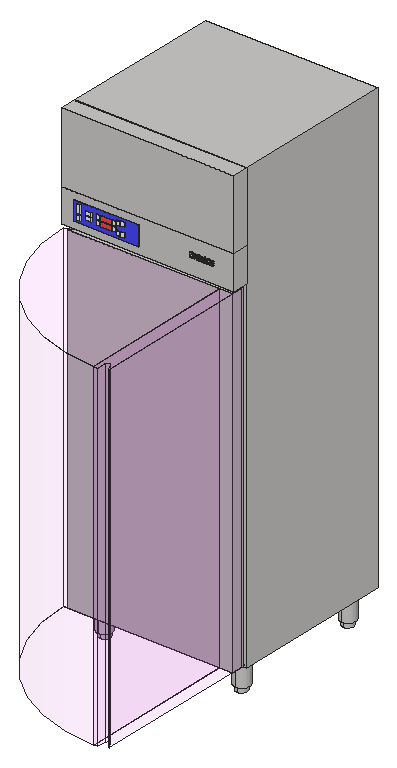
Revit family "QF_ELECTROLUXPROFESSIONAL_190052_190052", category Specialty Equipment, Revit 2018
Family settings
  Round Connector Dimension = Use Diameter
  Part Type = Normal
  Work Plane-Based = No
  Always vertical = Yes
  Cut with Voids When Loaded = No
  Shared = No
  Room Calculation Point = No
Parameters (values of type "Standard")
  Weight = 231.00 kg
  Watts = 0 W
  Volts = 220 V
  URL Manufacturer = "http://professional.electrolux.com"
  URL = "http://professional.electrolux.com"
  Steam Supply Size = 0 mm
  Steam Supply Minimum Pressure = 0.0 Pa
  Steam Supply Maximum Pressure = 0.0 Pa
  Steam Pounds per Hour = 0
  Refrigeration Suction Line Size = 0 mm
  Refrigeration Liquid Line Size = 0 mm
  Refrigerant Compressor Remote = yes
  Manufacturer = "Electrolux Professional"
  Phase = 1
  Model = "190052"
  Length Actual = 800 mm  # constant formula
  Item Number = "190052"
  Hot Water Size = 0 mm
  Height Actual = 2230 mm  # constant formula
  HP = "0.4 HP"
  Gas Size = 0 mm
  Gas KW = 0
  Gas Input Pressure = 0 W
  Direct Waste Size = 0 mm
  Description = "BLAST CHILLER 56 KG 20 GN1/1-REMOTE"
  Depth Actual = 835 mm  # constant formula
  Cycle = 50 Hz
  Condensate Return Size = 0 mm
  Compressed Air Volume = 0.0 L/s
  Compressed Air Size = 0 mm
  Compressed Air Pressure = 0.0 Pa
  Cold Water Size = 0 mm
  Accessory = yes
Types (2, lengths in mm): name | URL | Manufacturer | Phase | Model | Description
  (no name) | 0 | 0 | 0 | 0 | 0
  Standard | "http://professional.electrolux.com" | "Electrolux Professional" | 1 | "190052" | "BLAST CHILLER 56 KG 20 GN1/1-REMOTE"
Values of the unnamed type that differ from the named types
  Volts = 0 V
  URL Manufacturer = ""
  Item Number = ""
  Cycle = 0 Hz
Reference planes
  plane 1 "Center (Front/Back)": y = 137.5
  plane 2: z = 0
  plane 3 "Center (Left/Right)": x = 0
  plane 4 "TOP": z = 2232
  plane 5 "FRONT": y = -312.5
  plane 6 "BACK": y = 521.5
  plane 7 "LEFT": x = -400
  plane 8 "RIGHT": x = 400
  plane 9 "FEET": z = 150
  plane 10: y = -237.5
  plane 11 "DrainX": y = 11.5
  plane 12 "FbY": y = 449.5
  plane 13 "FfY": y = -167.5
  plane 14 "FLr": x = 319
  plane 15 "FLx": x = -319
  plane 16 "EIz": z = 1916
  plane 17: y = -1048.5
  plane 18 "RO_RI_x": y = 401.5
  plane 19 "RO_RI_y": x = -79.523
  plane 20 "RO_RI_z": z = 2055
Forms (mm)
  Extrusion 1, solid, material "QF_Finishes_Stainless Steel"
    sketch origin (33, 0, 150) x (-1, 0, 0) y (0, -1, 0)
      loop
        circle (33, -11.5) r 16.5
    from -2 to 0
  Extrusion 2, solid, material "QF_Finishes_Stainless Steel"
    sketch origin (0, 0, 0) x (0, 1, 0) y (-1, 0, 0)
      loop
        circle (449.5, -319) r 25
      loop
        circle (-167.5, -319) r 25
      loop
        circle (-167.5, 319) r 25
      loop
        circle (449.5, 319) r 25
    from 25.302 to 0
  Extrusion 3, solid, material "QF_Finishes_Stainless Steel"
    sketch origin (0, 0, 0) x (0, 1, 0) y (-1, 0, 0)
      loop
        circle (449.5, -319) r 35
      loop
        circle (-167.5, -319) r 35
      loop
        circle (-167.5, 319) r 35
      loop
        circle (449.5, 319) r 35
    from 25.302 to 150
  Extrusion 4, solid, material "QF_Finishes_Stainless Steel"
    sketch origin (0, 0, 150) x (-1, 0, 0) y (0, -1, 0)
      loop
        line (-400, -521.5) -> (400, -521.5) -> (400, 237.5) -> (-400, 237.5) -> (-400, -521.5)
    from 0 to 2082
  Extrusion 5, solid, material "QF_Finishes_Stainless Steel"
    sketch origin (0, -15.001, 1443.099) x (0, 1, 0) y (0, 0, 1)
      loop
        line (-297.499, 461.901) -> (-297.499, 306.901) -> (-222.499, 306.901) -> (-222.499, 461.901) -> (-297.499, 461.901)
    from 400 to -400
  Extrusion 6, solid, material "QF_Finishes_Stainless Steel"
    sketch origin (400, -10.001, 0) x (0, -1, 0) y (0, 0, 1)
      loop
        line (290.567, 1736.4) -> (290.567, 1740.1) -> (227.499, 1740.1) -> (227.499, 1736.4) -> (290.567, 1736.4)
      loop
        line (290.567, 158.4) -> (233.803, 158.4)
        arc (233.803, 158.4) -> (229.348, 156.555) -> (227.503, 152.1) r 6.3
        line (227.503, 152.1) -> (227.503, 150) -> (230.779, 150) -> (230.779, 151.399)
        arc (230.779, 151.399) -> (231.657, 153.52) -> (233.779, 154.399) r 3
        line (233.779, 154.399) -> (290.567, 154.399) -> (290.567, 158.4)
    from 50.986 to 17.216
  Extrusion 7, solid, material "QF_Finishes_Stainless Steel"
    sketch origin (101.495, -312.5, 0) x (-1, 0, 0) y (0, 0, 1)
      loop
        line (263.995, 128.302) -> (-61.005, 128.302) -> (-61.005, 126.302) -> (-63.005, 126.302) -> (-63.005, 150) -> (-77.505, 150) -> (-77.505, 148.302) -> (-64.505, 148.302) -> (-64.505, 124.795) -> (-61.005, 124.795) -> (-61.005, 120.802) -> (-47.01, 120.802) -> (-47.01, 85.802) -> (252.991, 85.802) -> (252.991, 120.802) -> (263.995, 120.802) -> (263.995, 124.795) -> (267.495, 124.795) -> (267.495, 148.302) -> (280.495, 148.302) -> (280.495, 150) -> (265.995, 150) -> (265.995, 126.302) -> (263.995, 126.302) -> (263.995, 128.302)
    from 505 to 153.183
  Extrusion 8, solid, material "QF_Clearances", detail levels coarse
    sketch origin (0, 0, 0) x (1, 0, 0) y (0, 1, 0)
      loop
        line (-400, -312.5) -> (-400, 521.5) -> (400, 521.5) -> (400, -312.5) -> (450, -312.5) -> (450, 571.5) -> (-450, 571.5) -> (-450, -312.5) -> (-400, -312.5)
    from 2232 to 0
  Extrusion 9, solid, material "QF_Door-Drawer Clearances"
    sketch origin (-0.635, 0, 150) x (-1, 0, 0) y (0, -1, 0)
      loop
        line (-395.092, 1026.519) -> (-395.092, 261.519) -> (-335.092, 261.519) -> (-335.092, 1048.5) -> (-356.592, 1048.5) -> (-356.592, 1004.706)
        arc (-356.592, 1004.706) -> (-363.585, 995.169) -> (-374.784, 998.971) r 10
        line (-374.784, 998.971) -> (-391.454, 1027.577)
        arc (-391.454, 1027.577) -> (-393.693, 1028.337) -> (-395.092, 1026.43) r 2
    from 8.4 to 1586.4
  Extrusion 10, solid, material "QF_Finishes_Stainless Steel"
    sketch origin (0, 0, 333.88) x (0, 1, 0) y (0, 0, 1)
      loop
        line (-312.5, 1898.12) -> (-312.5, 1571.12) -> (-237.5, 1571.12) -> (-237.5, 1898.12) -> (-312.5, 1898.12)
    from 400 to -400
  Extrusion 11, solid, material "QF_Finishes_White"
    sketch origin (0, -312.5, 0) x (-1, 0, 0) y (0, 0, 1)
      loop
        arc (-211.474, 1844.549) -> (-218.792, 1834.652) -> (-211.474, 1824.755) r 10.352
        line (-211.474, 1824.755) -> (-211.474, 1844.549)
      loop
        line (-210.712, 1844.613) -> (-210.712, 1843.039)
        arc (-210.712, 1843.039) -> (-207.989, 1837.89) -> (-202.742, 1835.359) r 9.332
        line (-202.742, 1835.359) -> (-198.278, 1835.359)
        arc (-198.278, 1835.359) -> (-202.368, 1842.844) -> (-210.712, 1844.613) r 10.21
      loop
        line (-210.468, 1826.188) -> (-210.468, 1824.501)
        arc (-210.468, 1824.501) -> (-202.229, 1826.564) -> (-198.269, 1834.078) r 10.411
        line (-198.269, 1834.078) -> (-201.544, 1834.078)
        arc (-201.544, 1834.078) -> (-207.394, 1831.704) -> (-210.468, 1826.188) r 9.509
      loop
        line (-197.518, 1845.63) -> (-219.548, 1845.63) -> (-219.548, 1823.63) -> (-197.518, 1823.63) -> (-197.518, 1845.63)
    from -4.8 to -3.2
  Extrusion 12, solid, material "QF_Finishes_White"
    sketch origin (432.433, -312.5, 1564.453) x (-1, 0, 0) y (0, 0, 1)
      loop
        line (193.167, 280.964) -> (193.167, 279.02) -> (198.537, 279.02) -> (198.537, 276.182) -> (193.489, 276.182) -> (193.489, 274.232) -> (198.537, 274.232) -> (198.537, 272.515)
        arc (198.537, 272.515) -> (198.012, 271.323) -> (196.778, 270.906) r 1.615
        line (196.778, 270.906) -> (193.023, 270.906) -> (193.023, 268.964) -> (197.262, 268.964)
        arc (197.262, 268.964) -> (199.625, 269.942) -> (200.603, 272.305) r 3.341
        line (200.603, 272.305) -> (200.603, 280.964) -> (193.167, 280.964)
      loop
        line (191.555, 280.964) -> (189.488, 280.964) -> (189.488, 268.964) -> (191.555, 268.964) -> (191.555, 280.964)
      loop
        line (146.663, 280.964) -> (144.595, 280.964) -> (144.595, 268.964) -> (146.663, 268.964) -> (146.663, 280.964)
      loop
        arc (186.07, 272.796) -> (185.679, 271.485) -> (184.54, 270.726) r 2.013
        arc (184.54, 270.726) -> (182.673, 270.564) -> (181.066, 271.529) r 3.039
        line (181.066, 271.529) -> (179.841, 270.304)
        arc (179.841, 270.304) -> (181.732, 269.031) -> (183.987, 268.699) r 5.15
        arc (183.987, 268.699) -> (186.884, 269.899) -> (188.084, 272.796) r 4.097
        arc (188.084, 272.796) -> (187.172, 276.26) -> (183.977, 277.881) r 4.373
        arc (183.977, 277.881) -> (180.348, 276.522) -> (179.288, 272.796) r 4.298
        line (179.288, 272.796) -> (186.07, 272.796)
      loop
        arc (186.018, 274.249) -> (185.108, 275.698) -> (183.453, 276.13) r 2.321
        arc (183.453, 276.13) -> (182.018, 275.623) -> (181.364, 274.249) r 1.983
        line (181.364, 274.249) -> (186.018, 274.249)
      loop
        arc (171.23, 275.114) -> (172.894, 276.024) -> (174.768, 275.738) r 2.961
        arc (174.768, 275.738) -> (175.939, 274.497) -> (176.078, 272.796) r 2.578
        arc (176.078, 272.796) -> (174.082, 270.645) -> (171.296, 271.566) r 2.714
        line (171.296, 271.566) -> (170.006, 270.276)
        arc (170.006, 270.276) -> (175.469, 269.146) -> (178.138, 274.046) r 4.684
        arc (178.138, 274.046) -> (176.554, 276.84) -> (173.538, 277.942) r 4.652
        arc (173.538, 277.942) -> (171.56, 277.59) -> (169.933, 276.412) r 4.497
        line (169.933, 276.412) -> (171.23, 275.114)
      loop
        line (168.663, 280.964) -> (166.596, 280.964) -> (166.596, 277.643) -> (164.718, 277.643) -> (164.718, 275.765) -> (166.596, 275.765) -> (166.596, 272.796)
        arc (166.596, 272.796) -> (166.418, 271.845) -> (165.754, 271.143) r 1.713
        arc (165.754, 271.143) -> (165.235, 270.938) -> (164.68, 270.895) r 1.862
        line (164.68, 270.895) -> (164.68, 268.959)
        arc (164.68, 268.959) -> (166.548, 269.205) -> (168.024, 270.378) r 3.531
        arc (168.024, 270.378) -> (168.484, 271.533) -> (168.663, 272.764) r 5.301
        line (168.663, 272.764) -> (168.663, 280.964)
      loop
        line (160.929, 273.526) -> (160.929, 268.964) -> (162.979, 268.964) -> (162.979, 277.643) -> (160.929, 277.643) -> (160.929, 276.392)
        arc (160.929, 276.392) -> (159.543, 277.581) -> (157.725, 277.752) r 3.016
        line (157.725, 277.752) -> (157.725, 275.765)
        arc (157.725, 275.765) -> (159.117, 275.794) -> (160.355, 275.158) r 2.84
        arc (160.355, 275.158) -> (160.781, 274.391) -> (160.929, 273.526) r 2.607
      loop
        circle (152.671, 273.302) r 4.599
      loop
        circle (152.671, 273.302) r 2.787
      loop
        line (137.14, 272.578) -> (137.14, 277.643) -> (135.056, 277.643) -> (135.056, 272.491)
        arc (135.056, 272.491) -> (136.211, 269.731) -> (139.035, 268.744) r 3.675
        arc (139.035, 268.744) -> (141.828, 269.702) -> (143.014, 272.406) r 3.675
        line (143.014, 272.406) -> (143.014, 277.643) -> (140.93, 277.643) -> (140.93, 272.578)
        arc (140.93, 272.578) -> (140.419, 271.175) -> (139.035, 270.616) r 1.835
        arc (139.035, 270.616) -> (137.65, 271.175) -> (137.14, 272.578) r 1.835
      loop
        line (133.807, 277.643) -> (131.571, 277.643) -> (129.699, 275.066) -> (127.798, 277.643) -> (125.542, 277.643) -> (128.514, 273.615) -> (125.263, 268.961) -> (127.471, 268.961) -> (129.692, 272.018) -> (131.881, 268.961) -> (134.103, 268.961) -> (130.805, 273.567) -> (133.807, 277.643)
      loop
        arc (199.441, 263.989) -> (198.075, 262.743) -> (199.19, 261.268) r 1.372
        line (199.19, 261.268) -> (200.187, 261.268) -> (200.187, 259.839) -> (201.089, 259.839) -> (201.089, 263.989) -> (199.441, 263.989)
      loop
        line (199.229, 262.084) -> (200.187, 262.084) -> (200.187, 263.15) -> (199.229, 263.15)
        arc (199.229, 263.15) -> (198.888, 262.617) -> (199.229, 262.084) r 0.587
      loop
        arc (192.929, 263.989) -> (191.972, 263.599) -> (191.559, 262.651) r 1.37
        arc (191.559, 262.651) -> (191.69, 262.056) -> (192.082, 261.589) r 1.281
        line (192.082, 261.589) -> (191.266, 259.839) -> (192.234, 259.839) -> (192.831, 261.268) -> (193.703, 261.268) -> (193.703, 259.839) -> (194.605, 259.839) -> (194.605, 263.989) -> (192.929, 263.989)
      loop
        line (193.703, 263.15) -> (192.746, 263.15)
        arc (192.746, 263.15) -> (192.404, 262.617) -> (192.746, 262.084) r 0.587
        line (192.746, 262.084) -> (193.703, 262.084) -> (193.703, 263.15)
      loop
        circle (185.967, 261.914) r 2.156
      loop
        circle (185.967, 261.914) r 1.368
      loop
        line (180.268, 263.989) -> (177.677, 263.989) -> (177.677, 263.095) -> (179.388, 263.095) -> (179.388, 262.219) -> (177.826, 262.219) -> (177.826, 261.289) -> (179.388, 261.289) -> (179.388, 259.839) -> (180.268, 259.839) -> (180.268, 263.989)
      loop
        line (174.177, 263.989) -> (171.55, 263.989) -> (171.55, 263.205) -> (173.324, 263.205) -> (173.324, 262.388) -> (171.665, 262.388) -> (171.665, 261.604) -> (173.324, 261.604)
        arc (173.324, 261.604) -> (173.233, 261.009) -> (172.769, 260.626) r 0.845
        line (172.769, 260.626) -> (171.51, 260.626) -> (171.51, 259.842) -> (172.849, 259.842)
        arc (172.849, 259.842) -> (173.794, 260.237) -> (174.177, 261.187) r 1.327
        line (174.177, 261.187) -> (174.177, 263.989)
      loop
        line (159.148, 263.463) -> (159.622, 262.841)
        arc (159.622, 262.841) -> (159.984, 263.162) -> (160.455, 263.275) r 0.998
        arc (160.455, 263.275) -> (160.848, 262.962) -> (160.576, 262.539) r 0.375
        arc (160.576, 262.539) -> (160.105, 262.363) -> (159.646, 262.158) r 8.236
        arc (159.646, 262.158) -> (159.284, 261.921) -> (159, 261.594) r 1.564
        arc (159, 261.594) -> (158.869, 260.883) -> (159.123, 260.206) r 1.349
        arc (159.123, 260.206) -> (159.699, 259.901) -> (160.338, 259.773) r 2.246
        arc (160.338, 259.773) -> (160.855, 259.825) -> (161.333, 260.029) r 1.719
        arc (161.333, 260.029) -> (161.755, 260.41) -> (162.016, 260.915) r 1.595
        line (162.016, 260.915) -> (161.29, 261.253)
        arc (161.29, 261.253) -> (161.084, 260.892) -> (160.747, 260.649) r 0.983
        arc (160.747, 260.649) -> (160.356, 260.55) -> (159.964, 260.643) r 0.846
        arc (159.964, 260.643) -> (159.753, 261.066) -> (160.06, 261.427) r 0.43
        arc (160.06, 261.427) -> (160.545, 261.662) -> (161.056, 261.832) r 4.201
        arc (161.056, 261.832) -> (161.664, 262.559) -> (161.566, 263.502) r 1.217
        arc (161.566, 263.502) -> (161.037, 263.9) -> (160.394, 264.058) r 1.645
        arc (160.394, 264.058) -> (159.698, 263.914) -> (159.148, 263.463) r 1.485
      loop
        line (155.341, 263.989) -> (154.488, 263.989) -> (154.488, 259.842) -> (155.341, 259.842) -> (155.341, 263.989)
      loop
        circle (148.739, 261.916) r 1.29
      loop
        circle (148.739, 261.916) r 2.154
      loop
        line (143.018, 259.842) -> (143.018, 263.989) -> (142.189, 263.989) -> (140.292, 261.303) -> (140.292, 263.989) -> (139.43, 263.989) -> (139.43, 259.842) -> (140.259, 259.842) -> (142.156, 262.449) -> (142.156, 259.842) -> (143.018, 259.842)
      loop
        line (135.131, 259.842) -> (136.046, 259.842) -> (134.424, 263.989) -> (133.624, 263.989) -> (131.872, 259.842) -> (132.789, 259.842) -> (133.193, 260.737) -> (134.727, 260.737) -> (135.131, 259.842)
      loop
        line (133.575, 261.587) -> (134.385, 261.587) -> (133.986, 262.499) -> (133.575, 261.587)
      loop
        line (127.637, 260.626) -> (126.042, 260.626) -> (126.042, 259.842) -> (128.49, 259.842) -> (128.49, 263.989) -> (127.637, 263.989) -> (127.637, 260.626)
      loop
        line (165.366, 263.463) -> (165.84, 262.841)
        arc (165.84, 262.841) -> (166.202, 263.162) -> (166.672, 263.275) r 0.998
        arc (166.672, 263.275) -> (167.065, 262.962) -> (166.793, 262.539) r 0.375
        arc (166.793, 262.539) -> (166.323, 262.363) -> (165.864, 262.158) r 8.236
        arc (165.864, 262.158) -> (165.501, 261.921) -> (165.217, 261.594) r 1.564
        arc (165.217, 261.594) -> (165.086, 260.883) -> (165.341, 260.206) r 1.349
        arc (165.341, 260.206) -> (165.916, 259.901) -> (166.556, 259.773) r 2.246
        arc (166.556, 259.773) -> (167.073, 259.825) -> (167.551, 260.029) r 1.719
        arc (167.551, 260.029) -> (167.972, 260.41) -> (168.234, 260.915) r 1.595
        line (168.234, 260.915) -> (167.508, 261.253)
        arc (167.508, 261.253) -> (167.301, 260.892) -> (166.964, 260.649) r 0.983
        arc (166.964, 260.649) -> (166.574, 260.55) -> (166.182, 260.643) r 0.846
        arc (166.182, 260.643) -> (165.971, 261.066) -> (166.277, 261.427) r 0.43
        arc (166.277, 261.427) -> (166.762, 261.662) -> (167.273, 261.832) r 4.201
        arc (167.273, 261.832) -> (167.881, 262.559) -> (167.783, 263.502) r 1.217
        arc (167.783, 263.502) -> (167.255, 263.9) -> (166.612, 264.058) r 1.645
        arc (166.612, 264.058) -> (165.916, 263.914) -> (165.366, 263.463) r 1.485
    from -3.2 to -4.8
  Extrusion 13, solid, material "QF_Finishes_Stainless Steel"
    sketch origin (350, 521.5, 0) x (-1, 0, 0) y (0, 0, 1)
      loop
        circle (350, 1916) r 10
    from 5 to 0
  Extrusion 14, solid, material "QF_Finishes_Stainless Steel"
    sketch origin (653.5, 82.592, 150) x (0, 1, 0) y (-1, 0, 0)
      loop
        line (-395.092, 1026.519) -> (-395.092, 261.519) -> (-335.092, 261.519) -> (-335.092, 1048.5) -> (-356.592, 1048.5) -> (-356.592, 1004.706)
        arc (-356.592, 1004.706) -> (-363.585, 995.169) -> (-374.784, 998.971) r 10
        line (-374.784, 998.971) -> (-391.454, 1027.577)
        arc (-391.454, 1027.577) -> (-393.693, 1028.337) -> (-395.092, 1026.43) r 2
    from 8.4 to 1586.4
  Extrusion 15, solid, material "QF_Door-Drawer Clearances"
    sketch origin (-0.635, 0, 150) x (-1, 0, 0) y (0, -1, 0)
      loop
        line (-335.092, 1048.5) -> (-335.092, 312.5) -> (394.365, 312.5)
        arc (394.365, 312.5) -> (180.74, 830.26) -> (-335.092, 1048.5) r 737.294
    from 8.4 to 1586.4
  Extrusion 16, solid, material "QF_Clearances", detail levels coarse
    sketch origin (0, 0, 0) x (1, 0, 0) y (0, 1, 0)
      loop
        line (450, -312.5) -> (450, 571.5) -> (-450, 571.5) -> (-450, -312.5) -> (450, -312.5)
    from 2732 to 2232
  Extrusion 17, solid, material "QF_Clearances"
    sketch origin (0, 0, 2055) x (-1, 0, 0) y (0, -1, 0)
      loop
        circle (87.623, -409.6) r 8.1
    from 150 to 0
  Extrusion 18, solid, material "QF_Clearances"
    sketch origin (0, 0, 2055) x (-1, 0, 0) y (0, -1, 0)
      loop
        circle (74.323, -409.6) r 5.2
    from 150 to 0
Lines and regions (mm)
  symbolic lines
    curve 1: line (400, 521.5, 0) -> (400, -312.5, 0)
    curve 2: line (400, 521.5, 0) -> (-400, 521.5, 0)
    curve 3: line (-400, -312.5, 0) -> (-400, 521.5, 0)
    curve 4: line (-400, -312.5, 0) -> (400, -312.5, 0)
  symbolic lines, style "SpecialityEquipmentHiddenLines"
    curve 5: line (400, -237.5, 0) -> (-400, -237.5, 0)
    curve 7: arc (-395, -312.5, 0) -> (-181.375, -830.26, 0) -> (334.457, -1048.5, 0) r 737.294
    curve 8: line (334.457, -1048.5, 0) -> (334.457, -312.5, 0)
    curve 9: line (394.457, -1026.519, 0) -> (394.457, -312.5, 0)
    curve 10: arc (390.819, -1027.577, 0) -> (393.059, -1028.337, 0) -> (394.457, -1026.43, 0) r 2
    curve 11: line (374.149, -998.971, 0) -> (390.819, -1027.577, 0)
    curve 12: arc (355.957, -1004.706, 0) -> (362.95, -995.169, 0) -> (374.149, -998.971, 0) r 10
    curve 13: line (355.957, -1048.5, 0) -> (355.957, -1004.706, 0)
    curve 14: line (334.457, -1048.5, 0) -> (355.957, -1048.5, 0)
  symbolic lines, style "QF_Clearances", detail levels coarse
    curve 6: line (450, -312.5, 0) -> (450, 571.5, 0)
    curve 15: line (450, 571.5, 0) -> (-450, 571.5, 0)
    curve 16: line (-450, 571.5, 0) -> (-450, -312.5, 0)
Dimensions and locks
  equal spacing: plane 7 "LEFT", plane 3 "Center (Left/Right)", plane 8 "RIGHT"
  plane 7 "LEFT" to plane 8 "RIGHT" = 800 mm
  plane 6 "BACK" to plane 5 "FRONT" = 834 mm
  plane 4 "TOP" to plane 2 = 2232 mm
  equal spacing: plane 8 "RIGHT", plane 3 "Center (Left/Right)", plane 7 "LEFT"
  plane 8 "RIGHT" to plane 7 "LEFT" = 800 mm
  plane 6 "BACK" to plane 11 "DrainX" = 510 mm
  plane 7 "LEFT" to plane 15 "FLx" = 81 mm
  plane 14 "FLr" to plane 8 "RIGHT" = 81 mm
  plane 6 "BACK" to plane 12 "FbY" = 72 mm
  plane 10 to plane 5 "FRONT" = 75 mm
  locked: plane 9 "FEET" to level at 150
  plane 16 "EIz" to level = 1916 mm
  plane 6 "BACK" to plane 17 = 1570 mm
  plane 12 "FbY" to plane 13 "FfY" = 617 mm
  Extrusion 8 to plane 7 "LEFT" = 50 mm
  plane 8 "RIGHT" to Extrusion 8 = 50 mm
  Extrusion 8 to plane 6 "BACK" = 50 mm
  Extrusion 8 to plane 4 "TOP" = 0 mm
  plane 6 "BACK" to plane 18 "RO_RI_x" = 120 mm
  plane 19 "RO_RI_y" to plane 8 "RIGHT" = 479.523 mm
  plane 20 "RO_RI_z" to Extrusion 10 = 150 mm
  aligned and locked: level to plane 2
Automatic sketch dimensions
  curve 16 to plane 5 "FRONT" = 0 mm
  curve 2 to plane 6 "BACK" = 0 mm
  curve 2 to plane 7 "LEFT" = 0 mm
  curve 7 to plane 5 "FRONT" = 0 mm
  curve 14 to plane 17 = 0 mm
  curve 1 to plane 8 "RIGHT" = 0 mm
  curve 6 to plane 5 "FRONT" = 0 mm
  plane 10 to curve 5 = 0 mm
  curve 15 to plane 7 "LEFT" = 50 mm
  plane 14 "FLr" to curve 14 = 15.457 mm
  plane 5 "FRONT" to curve 7 = 1.252 mm
  curve 8 to curve 7 = 7.836 mm
  curve 7 to curve 13 = 21.5 mm
  curve 12 to curve 12 = 10 mm
  curve 12 to curve 11 = 8.192 mm
  plane 8 "RIGHT" to curve 11 = 9.181 mm
  curve 10 to curve 10 = 1.638 mm
  curve 15 to plane 8 "RIGHT" = 50 mm
  plane 17 to curve 11 = 20.923 mm
  curve 10 to curve 10 = 1.148 mm
  curve 10 to curve 13 = 22.871 mm
  plane 6 "BACK" to curve 15 = 50 mm
  plane 8 "RIGHT" to curve 9 = 5.543 mm
  curve 9 to curve 10 = 0.089 mm
  Extrusion 1 sketch curve to plane 3 "Center (Left/Right)" = 0 mm
  plane 11 "DrainX" to Extrusion 1 sketch curve = 0 mm
  Extrusion 2 sketch curve to plane 13 "FfY" = 0 mm  (x2)
  Extrusion 2 sketch curve to plane 12 "FbY" = 0 mm  (x2)
  Extrusion 2 sketch curve to plane 14 "FLr" = 0 mm  (x2)
  Extrusion 2 sketch curve to plane 15 "FLx" = 0 mm  (x2)
  Extrusion 3 sketch curve to plane 13 "FfY" = 0 mm  (x2)
  Extrusion 3 sketch curve to plane 12 "FbY" = 0 mm  (x2)
  Extrusion 3 sketch curve to plane 14 "FLr" = 0 mm  (x2)
  Extrusion 3 sketch curve to plane 15 "FLx" = 0 mm  (x2)
  Extrusion 4 sketch curve to plane 8 "RIGHT" = 0 mm
  Extrusion 4 sketch curve to plane 7 "LEFT" = 0 mm
  Extrusion 4 sketch curve to plane 6 "BACK" = 0 mm
  plane 10 to Extrusion 4 sketch curve = 0 mm
  Extrusion 5 sketch curve to plane 5 "FRONT" = 0 mm
  Extrusion 5 sketch curve to plane 10 = 0 mm
  Extrusion 5 sketch curve to plane 16 "EIz" = 166 mm
  Extrusion 5 sketch curve to plane 16 "EIz" = 11 mm
  Extrusion 6 sketch curve to plane 10 = 0 mm
  Extrusion 6 sketch curve to plane 9 "FEET" = 0 mm
  plane 10 to Extrusion 6 sketch curve = 0.004 mm
  Extrusion 6 sketch curve to Extrusion 6 sketch curve = 3.276 mm
  plane 9 "FEET" to Extrusion 6 sketch curve = 1.399 mm
  Extrusion 6 sketch curve to Extrusion 6 sketch curve = 3 mm
  Extrusion 6 sketch curve to Extrusion 6 sketch curve = 0.024 mm
  plane 9 "FEET" to Extrusion 6 sketch curve = 4.399 mm
  plane 5 "FRONT" to Extrusion 6 sketch curve = 11.932 mm  (x2)
  Extrusion 6 sketch curve to Extrusion 6 sketch curve = 0.701 mm
  Extrusion 6 sketch curve to plane 16 "EIz" = 179.6 mm
  Extrusion 6 sketch curve to Extrusion 6 sketch curve = 3.7 mm
  Extrusion 6 sketch curve to Extrusion 6 sketch curve = 0 mm  (x3)
  Extrusion 7 sketch curve to plane 9 "FEET" = 0 mm  (x2)
  Extrusion 7 sketch curve to plane 14 "FLr" = 140 mm
  Extrusion 7 sketch curve to plane 9 "FEET" = 1.698 mm  (x2)
  Extrusion 7 sketch curve to Extrusion 7 sketch curve = 13 mm  (x2)
  Extrusion 7 sketch curve to Extrusion 7 sketch curve = 1.5 mm  (x2)
  Extrusion 7 sketch curve to Extrusion 7 sketch curve = 3.5 mm
  Extrusion 7 sketch curve to Extrusion 7 sketch curve = 2 mm  (x3)
  Extrusion 7 sketch curve to Extrusion 7 sketch curve = 13.995 mm
  Extrusion 7 sketch curve to plane 9 "FEET" = 29.198 mm
  Extrusion 7 sketch curve to plane 3 "Center (Left/Right)" = 151.496 mm
  Extrusion 7 sketch curve to Extrusion 7 sketch curve = 11.004 mm
  Extrusion 7 sketch curve to Extrusion 7 sketch curve = 0 mm
  Extrusion 7 sketch curve to Extrusion 7 sketch curve = 27.5 mm
  Extrusion 7 sketch curve to Extrusion 7 sketch curve = 35 mm
  Extrusion 7 sketch curve to Extrusion 7 sketch curve = 3.994 mm  (x2)
  Extrusion 7 sketch curve to Extrusion 7 sketch curve = 1.506 mm  (x2)
  Extrusion 8 sketch curve to plane 5 "FRONT" = 0 mm  (x2)
  Extrusion 8 sketch curve to plane 7 "LEFT" = 0 mm
  Extrusion 8 sketch curve to plane 6 "BACK" = 0 mm
  Extrusion 8 sketch curve to plane 8 "RIGHT" = 0 mm
  Extrusion 8 sketch curve to plane 7 "LEFT" = 50 mm
  Extrusion 8 sketch curve to Extrusion 8 sketch curve = 50 mm
  plane 6 "BACK" to Extrusion 8 sketch curve = 50 mm
  Extrusion 9 sketch curve to plane 17 = 0 mm
  plane 8 "RIGHT" to Extrusion 9 sketch curve = 5.543 mm
  Extrusion 9 sketch curve to Extrusion 9 sketch curve = 2 mm
  Extrusion 9 sketch curve to Extrusion 9 sketch curve = 1.638 mm
  plane 8 "RIGHT" to Extrusion 9 sketch curve = 25.851 mm
  Extrusion 9 sketch curve to Extrusion 9 sketch curve = 8.192 mm
  Extrusion 9 sketch curve to Extrusion 9 sketch curve = 10 mm
  plane 14 "FLr" to Extrusion 9 sketch curve = 15.457 mm
  plane 17 to Extrusion 9 sketch curve = 20.923 mm
  Extrusion 9 sketch curve to Extrusion 9 sketch curve = 1.148 mm
  Extrusion 9 sketch curve to Extrusion 9 sketch curve = 22.871 mm
  plane 10 to Extrusion 9 sketch curve = 24.019 mm
  Extrusion 9 sketch curve to Extrusion 9 sketch curve = 0.089 mm
  Extrusion 10 sketch curve to plane 5 "FRONT" = 0 mm
  Extrusion 10 sketch curve to plane 10 = 0 mm
  Extrusion 10 sketch curve to plane 4 "TOP" = 0 mm
  Extrusion 10 sketch curve to plane 16 "EIz" = 11 mm
  Extrusion 11 sketch curve to plane 14 "FLr" = 99.452 mm
  Extrusion 11 sketch curve to Extrusion 11 sketch curve = 8.073 mm
  Extrusion 11 sketch curve to Extrusion 11 sketch curve = 0.762 mm
  Extrusion 11 sketch curve to Extrusion 11 sketch curve = 1.007 mm
  Extrusion 11 sketch curve to Extrusion 11 sketch curve = 2.055 mm
  Extrusion 11 sketch curve to Extrusion 11 sketch curve = 0.194 mm
  Extrusion 11 sketch curve to Extrusion 11 sketch curve = 0.025 mm
  Extrusion 11 sketch curve to Extrusion 11 sketch curve = 5.698 mm
  Extrusion 11 sketch curve to Extrusion 11 sketch curve = 1.198 mm
  Extrusion 11 sketch curve to Extrusion 11 sketch curve = 9.199 mm
  Extrusion 11 sketch curve to Extrusion 11 sketch curve = 9.372 mm
  Extrusion 11 sketch curve to Extrusion 11 sketch curve = 3.266 mm
  Extrusion 11 sketch curve to Extrusion 11 sketch curve = 0.009 mm
  Extrusion 11 sketch curve to Extrusion 11 sketch curve = 3.578 mm
  Extrusion 11 sketch curve to plane 16 "EIz" = 92.37 mm
  Extrusion 11 sketch curve to Extrusion 11 sketch curve = 0.871 mm
  Extrusion 11 sketch curve to Extrusion 11 sketch curve = 0.95 mm
  Extrusion 11 sketch curve to Extrusion 11 sketch curve = 0.254 mm
  Extrusion 11 sketch curve to Extrusion 11 sketch curve = 1.688 mm
  Extrusion 11 sketch curve to Extrusion 11 sketch curve = 0.1 mm
  Extrusion 11 sketch curve to Extrusion 11 sketch curve = 0.001 mm
  Extrusion 11 sketch curve to Extrusion 11 sketch curve = 1.281 mm
  Extrusion 11 sketch curve to Extrusion 11 sketch curve = 1.574 mm
  Extrusion 11 sketch curve to Extrusion 11 sketch curve = 1.08 mm
  Extrusion 12 sketch curve to Extrusion 12 sketch curve = 0 mm  (x40)
  Extrusion 12 sketch curve to plane 14 "FLr" = 11.83 mm
  Extrusion 12 sketch curve to Extrusion 12 sketch curve = 0.278 mm
  Extrusion 12 sketch curve to Extrusion 12 sketch curve = 0.779 mm
  Extrusion 12 sketch curve to Extrusion 12 sketch curve = 2.208 mm
  Extrusion 12 sketch curve to Extrusion 12 sketch curve = 1.595 mm
  Extrusion 12 sketch curve to Extrusion 12 sketch curve = 2.256 mm
  Extrusion 12 sketch curve to Extrusion 12 sketch curve = 0.853 mm  (x3)
  Extrusion 12 sketch curve to Extrusion 12 sketch curve = 0.716 mm
  Extrusion 12 sketch curve to Extrusion 12 sketch curve = 1.178 mm
  Extrusion 12 sketch curve to Extrusion 12 sketch curve = 1.185 mm
  Extrusion 12 sketch curve to Extrusion 12 sketch curve = 1.106 mm
  Extrusion 12 sketch curve to Extrusion 12 sketch curve = 1.872 mm
  Extrusion 12 sketch curve to Extrusion 12 sketch curve = 3.383 mm
  Extrusion 12 sketch curve to Extrusion 12 sketch curve = 2.189 mm
  Extrusion 12 sketch curve to Extrusion 12 sketch curve = 0.917 mm
  Extrusion 12 sketch curve to Extrusion 12 sketch curve = 0.404 mm  (x2)
  Extrusion 12 sketch curve to Extrusion 12 sketch curve = 0.383 mm
  Extrusion 12 sketch curve to Extrusion 12 sketch curve = 0.049 mm  (x2)
  Extrusion 12 sketch curve to Extrusion 12 sketch curve = 2.236 mm
  Extrusion 12 sketch curve to Extrusion 12 sketch curve = 0.411 mm
  Extrusion 12 sketch curve to Extrusion 12 sketch curve = 2.222 mm
  Extrusion 12 sketch curve to Extrusion 12 sketch curve = 0.81 mm
  Extrusion 12 sketch curve to Extrusion 12 sketch curve = 0.8 mm
  Extrusion 12 sketch curve to Extrusion 12 sketch curve = 0.341 mm
  Extrusion 12 sketch curve to Extrusion 12 sketch curve = 1.249 mm
  Extrusion 12 sketch curve to Extrusion 12 sketch curve = 0.916 mm
  Extrusion 12 sketch curve to Extrusion 12 sketch curve = 2.084 mm
  Extrusion 12 sketch curve to Extrusion 12 sketch curve = 1.59 mm  (x2)
  Extrusion 12 sketch curve to Extrusion 12 sketch curve = 0.24 mm  (x2)
  Extrusion 12 sketch curve to Extrusion 12 sketch curve = 0.129 mm
  Extrusion 12 sketch curve to Extrusion 12 sketch curve = 5.006 mm
  Extrusion 12 sketch curve to Extrusion 12 sketch curve = 0.829 mm  (x2)
  Extrusion 12 sketch curve to Extrusion 12 sketch curve = 0.033 mm
  Extrusion 12 sketch curve to Extrusion 12 sketch curve = 1.865 mm
  Extrusion 12 sketch curve to Extrusion 12 sketch curve = 0.032 mm  (x3)
  Extrusion 12 sketch curve to Extrusion 12 sketch curve = 2.085 mm
  Extrusion 12 sketch curve to Extrusion 12 sketch curve = 1.581 mm
  Extrusion 12 sketch curve to Extrusion 12 sketch curve = 2.068 mm
  Extrusion 12 sketch curve to Extrusion 12 sketch curve = 5.721 mm
  Extrusion 12 sketch curve to Extrusion 12 sketch curve = 6.008 mm
  Extrusion 12 sketch curve to Extrusion 12 sketch curve = 1.817 mm
  Extrusion 12 sketch curve to Extrusion 12 sketch curve = 5.054 mm
  Extrusion 12 sketch curve to Extrusion 12 sketch curve = 0.596 mm
  Extrusion 12 sketch curve to Extrusion 12 sketch curve = 0.639 mm
  Extrusion 12 sketch curve to Extrusion 12 sketch curve = 0.156 mm
  Extrusion 12 sketch curve to Extrusion 12 sketch curve = 3.807 mm
  Extrusion 12 sketch curve to Extrusion 12 sketch curve = 0.474 mm  (x2)
  Extrusion 12 sketch curve to Extrusion 12 sketch curve = 0.558 mm  (x2)
  Extrusion 12 sketch curve to Extrusion 12 sketch curve = 0.1 mm  (x2)
  Extrusion 12 sketch curve to Extrusion 12 sketch curve = 0.709 mm  (x2)
  Extrusion 12 sketch curve to Extrusion 12 sketch curve = 0.006 mm  (x2)
  Extrusion 12 sketch curve to Extrusion 12 sketch curve = 0.137 mm  (x2)
  Extrusion 12 sketch curve to Extrusion 12 sketch curve = 0.005 mm  (x3)
  Extrusion 12 sketch curve to Extrusion 12 sketch curve = 0.073 mm  (x2)
  Extrusion 12 sketch curve to Extrusion 12 sketch curve = 0.114 mm  (x3)
  Extrusion 12 sketch curve to Extrusion 12 sketch curve = 0.008 mm  (x2)
  Extrusion 12 sketch curve to Extrusion 12 sketch curve = 0.14 mm  (x2)
  Extrusion 12 sketch curve to Extrusion 12 sketch curve = 0.066 mm  (x2)
  Extrusion 12 sketch curve to Extrusion 12 sketch curve = 0.022 mm  (x2)
  Extrusion 12 sketch curve to Extrusion 12 sketch curve = 2.564 mm
  Extrusion 12 sketch curve to Extrusion 12 sketch curve = 2.451 mm
  Extrusion 12 sketch curve to Extrusion 12 sketch curve = 0.798 mm  (x2)
  Extrusion 12 sketch curve to Extrusion 12 sketch curve = 0.726 mm  (x2)
  Extrusion 12 sketch curve to Extrusion 12 sketch curve = 0.11 mm  (x2)
  Extrusion 12 sketch curve to Extrusion 12 sketch curve = 2.05 mm
  Extrusion 12 sketch curve to Extrusion 12 sketch curve = 1.104 mm  (x2)
  Extrusion 12 sketch curve to Extrusion 12 sketch curve = 2.435 mm
  Extrusion 12 sketch curve to Extrusion 12 sketch curve = 1.316 mm
  Extrusion 12 sketch curve to Extrusion 12 sketch curve = 1.739 mm
  Extrusion 12 sketch curve to Extrusion 12 sketch curve = 1.452 mm
  Extrusion 12 sketch curve to Extrusion 12 sketch curve = 0.075 mm
  Extrusion 12 sketch curve to Extrusion 12 sketch curve = 0.277 mm
  Extrusion 12 sketch curve to Extrusion 12 sketch curve = 3.35 mm
  Extrusion 12 sketch curve to Extrusion 12 sketch curve = 1.877 mm  (x2)
  Extrusion 12 sketch curve to Extrusion 12 sketch curve = 2.067 mm  (x2)
  Extrusion 12 sketch curve to Extrusion 12 sketch curve = 3.337 mm
  Extrusion 12 sketch curve to Extrusion 12 sketch curve = 1.343 mm
  Extrusion 12 sketch curve to Extrusion 12 sketch curve = 1.298 mm  (x2)
  Extrusion 12 sketch curve to Extrusion 12 sketch curve = 1.291 mm  (x2)
  Extrusion 12 sketch curve to Extrusion 12 sketch curve = 3.276 mm
  Extrusion 12 sketch curve to Extrusion 12 sketch curve = 0.04 mm
  Extrusion 12 sketch curve to Extrusion 12 sketch curve = 0.155 mm
  Extrusion 12 sketch curve to Extrusion 12 sketch curve = 0.833 mm
  Extrusion 12 sketch curve to Extrusion 12 sketch curve = 0.271 mm
  Extrusion 12 sketch curve to Extrusion 12 sketch curve = 0.08 mm
  Extrusion 12 sketch curve to Extrusion 12 sketch curve = 2.087 mm
  Extrusion 12 sketch curve to Extrusion 12 sketch curve = 0.826 mm
  Extrusion 12 sketch curve to Extrusion 12 sketch curve = 0.475 mm
  Extrusion 12 sketch curve to Extrusion 12 sketch curve = 0.089 mm
  Extrusion 12 sketch curve to Extrusion 12 sketch curve = 0.002 mm  (x3)
  Extrusion 12 sketch curve to Extrusion 12 sketch curve = 0.093 mm
  Extrusion 12 sketch curve to Extrusion 12 sketch curve = 0.085 mm
  Extrusion 12 sketch curve to Extrusion 12 sketch curve = 3.5 mm
  Extrusion 12 sketch curve to Extrusion 12 sketch curve = 0.15 mm
  Extrusion 12 sketch curve to Extrusion 12 sketch curve = 5.704 mm
  Extrusion 12 sketch curve to Extrusion 12 sketch curve = 1.562 mm
  Extrusion 12 sketch curve to Extrusion 12 sketch curve = 0.554 mm
  Extrusion 12 sketch curve to Extrusion 12 sketch curve = 0.88 mm
  Extrusion 12 sketch curve to Extrusion 12 sketch curve = 1.224 mm  (x2)
  Extrusion 12 sketch curve to Extrusion 12 sketch curve = 2.076 mm
  Extrusion 12 sketch curve to Extrusion 12 sketch curve = 1.98 mm
  Extrusion 12 sketch curve to Extrusion 12 sketch curve = 0.012 mm  (x5)
  Extrusion 12 sketch curve to Extrusion 12 sketch curve = 0.151 mm
  Extrusion 12 sketch curve to Extrusion 12 sketch curve = 0.084 mm
  Extrusion 12 sketch curve to Extrusion 12 sketch curve = 0.145 mm
  Extrusion 12 sketch curve to Extrusion 12 sketch curve = 0.262 mm
  Extrusion 12 sketch curve to Extrusion 12 sketch curve = 0.217 mm
  Extrusion 12 sketch curve to Extrusion 12 sketch curve = 0.074 mm
  Extrusion 12 sketch curve to Extrusion 12 sketch curve = 5.699 mm
  Extrusion 12 sketch curve to Extrusion 12 sketch curve = 2.282 mm
  Extrusion 12 sketch curve to Extrusion 12 sketch curve = 0.052 mm  (x2)
  Extrusion 12 sketch curve to Extrusion 12 sketch curve = 3.418 mm
  Extrusion 12 sketch curve to Extrusion 12 sketch curve = 5.299 mm
  Extrusion 12 sketch curve to Extrusion 12 sketch curve = 0.816 mm
  Extrusion 12 sketch curve to Extrusion 12 sketch curve = 0.968 mm
  Extrusion 12 sketch curve to Extrusion 12 sketch curve = 0.664 mm  (x2)
  Extrusion 12 sketch curve to Extrusion 12 sketch curve = 0.749 mm
  Extrusion 12 sketch curve to Extrusion 12 sketch curve = 0.095 mm
  Extrusion 12 sketch curve to Extrusion 12 sketch curve = 0.088 mm
  Extrusion 12 sketch curve to Extrusion 12 sketch curve = 0.063 mm
  Extrusion 12 sketch curve to Extrusion 12 sketch curve = 1.468 mm
  Extrusion 12 sketch curve to Extrusion 12 sketch curve = 1.612 mm
  Extrusion 12 sketch curve to Extrusion 12 sketch curve = 0.322 mm
  Extrusion 12 sketch curve to Extrusion 12 sketch curve = 0.873 mm
  Extrusion 12 sketch curve to Extrusion 12 sketch curve = 0.712 mm
  Extrusion 12 sketch curve to Extrusion 12 sketch curve = 0.902 mm  (x2)
  Extrusion 12 sketch curve to Extrusion 12 sketch curve = 3.755 mm
  Extrusion 12 sketch curve to Extrusion 12 sketch curve = 0.144 mm
  Extrusion 12 sketch curve to Extrusion 12 sketch curve = 0.484 mm
  Extrusion 12 sketch curve to Extrusion 12 sketch curve = 5.37 mm
  Extrusion 12 sketch curve to Extrusion 12 sketch curve = 1.275 mm
  Extrusion 12 sketch curve to Extrusion 12 sketch curve = 4.585 mm
  Extrusion 12 sketch curve to Extrusion 12 sketch curve = 0.039 mm  (x2)
  Extrusion 12 sketch curve to Extrusion 12 sketch curve = 0.211 mm
  Extrusion 12 sketch curve to Extrusion 12 sketch curve = 0.035 mm
  Extrusion 12 sketch curve to Extrusion 12 sketch curve = 0.997 mm
  Extrusion 12 sketch curve to Extrusion 12 sketch curve = 2.066 mm
  Extrusion 12 sketch curve to plane 16 "EIz" = 96.804 mm
  Extrusion 12 sketch curve to Extrusion 12 sketch curve = 3.027 mm  (x2)
  Extrusion 12 sketch curve to Extrusion 12 sketch curve = 5.095 mm
  Extrusion 12 sketch curve to Extrusion 12 sketch curve = 2.072 mm  (x2)
  Extrusion 12 sketch curve to Extrusion 12 sketch curve = 0.784 mm  (x3)
  Extrusion 12 sketch curve to Extrusion 12 sketch curve = 0.895 mm
  Extrusion 12 sketch curve to Extrusion 12 sketch curve = 2.972 mm  (x2)
  Extrusion 12 sketch curve to Extrusion 12 sketch curve = 0.172 mm  (x4)
  Extrusion 12 sketch curve to Extrusion 12 sketch curve = 0.259 mm  (x2)
  Extrusion 12 sketch curve to Extrusion 12 sketch curve = 0.543 mm
  Extrusion 12 sketch curve to Extrusion 12 sketch curve = 0.338 mm  (x2)
  Extrusion 12 sketch curve to Extrusion 12 sketch curve = 1.429 mm  (x2)
  Extrusion 12 sketch curve to Extrusion 12 sketch curve = 1.451 mm
  Extrusion 12 sketch curve to Extrusion 12 sketch curve = 1.461 mm
  Extrusion 12 sketch curve to Extrusion 12 sketch curve = 0.382 mm  (x2)
  Extrusion 12 sketch curve to Extrusion 12 sketch curve = 0.257 mm
  Extrusion 12 sketch curve to Extrusion 12 sketch curve = 0.094 mm  (x2)
  Extrusion 12 sketch curve to Extrusion 12 sketch curve = 0.06 mm  (x2)
  Extrusion 12 sketch curve to Extrusion 12 sketch curve = 0.851 mm
  Extrusion 12 sketch curve to Extrusion 12 sketch curve = 0.321 mm
  Extrusion 12 sketch curve to Extrusion 12 sketch curve = 2.075 mm
  Extrusion 12 sketch curve to Extrusion 12 sketch curve = 2.073 mm
  Extrusion 12 sketch curve to Extrusion 12 sketch curve = 0.466 mm  (x2)
  Extrusion 12 sketch curve to Extrusion 12 sketch curve = 0.815 mm  (x2)
  Extrusion 12 sketch curve to Extrusion 12 sketch curve = 0.93 mm
  Extrusion 12 sketch curve to Extrusion 12 sketch curve = 0.261 mm  (x2)
  Extrusion 12 sketch curve to Extrusion 12 sketch curve = 0.136 mm  (x2)
  Extrusion 12 sketch curve to Extrusion 12 sketch curve = 1.147 mm
  Extrusion 12 sketch curve to Extrusion 12 sketch curve = 0.911 mm
  Extrusion 12 sketch curve to Extrusion 12 sketch curve = 0.16 mm  (x2)
  Extrusion 12 sketch curve to Extrusion 12 sketch curve = 0.533 mm  (x2)
  Extrusion 12 sketch curve to Extrusion 12 sketch curve = 0.267 mm  (x2)
  Extrusion 12 sketch curve to Extrusion 12 sketch curve = 0.327 mm  (x2)
  Extrusion 12 sketch curve to Extrusion 12 sketch curve = 0.014 mm  (x2)
  Extrusion 12 sketch curve to Extrusion 12 sketch curve = 0.876 mm
  Extrusion 12 sketch curve to Extrusion 12 sketch curve = 0.817 mm
  Extrusion 12 sketch curve to Extrusion 12 sketch curve = 0.623 mm  (x2)
  Extrusion 12 sketch curve to Extrusion 12 sketch curve = 1.539 mm  (x2)
  Extrusion 12 sketch curve to Extrusion 12 sketch curve = 3.363 mm
  Extrusion 12 sketch curve to Extrusion 12 sketch curve = 0.894 mm
  Extrusion 12 sketch curve to Extrusion 12 sketch curve = 0.783 mm
  Extrusion 12 sketch curve to Extrusion 12 sketch curve = 1.49 mm
  Extrusion 12 sketch curve to Extrusion 12 sketch curve = 0.525 mm
  Extrusion 12 sketch curve to Extrusion 12 sketch curve = 0.838 mm
  Extrusion 12 sketch curve to Extrusion 12 sketch curve = 4.901 mm
  Extrusion 12 sketch curve to Extrusion 12 sketch curve = 4.972 mm
  Extrusion 12 sketch curve to Extrusion 12 sketch curve = 4.975 mm  (x2)
  Extrusion 12 sketch curve to Extrusion 12 sketch curve = 1.317 mm
  Extrusion 12 sketch curve to Extrusion 12 sketch curve = 6.315 mm
  Extrusion 12 sketch curve to Extrusion 12 sketch curve = 1.936 mm
  Extrusion 12 sketch curve to Extrusion 12 sketch curve = 1.942 mm
  Extrusion 12 sketch curve to Extrusion 12 sketch curve = 3.057 mm
  Extrusion 12 sketch curve to Extrusion 12 sketch curve = 3.445 mm
  Extrusion 12 sketch curve to Extrusion 12 sketch curve = 0.044 mm
  Extrusion 12 sketch curve to Extrusion 12 sketch curve = 1.561 mm
  Extrusion 12 sketch curve to Extrusion 12 sketch curve = 3.53 mm
  Extrusion 12 sketch curve to Extrusion 12 sketch curve = 0.167 mm
  Extrusion 12 sketch curve to Extrusion 12 sketch curve = 1.153 mm
  Extrusion 12 sketch curve to Extrusion 12 sketch curve = 0.128 mm
  Extrusion 12 sketch curve to Extrusion 12 sketch curve = 2.488 mm
  Extrusion 12 sketch curve to Extrusion 12 sketch curve = 0.34 mm
  Extrusion 12 sketch curve to Extrusion 12 sketch curve = 1.267 mm
  Extrusion 12 sketch curve to Extrusion 12 sketch curve = 0.153 mm
  Extrusion 12 sketch curve to Extrusion 12 sketch curve = 4.063 mm
  Extrusion 12 sketch curve to Extrusion 12 sketch curve = 1.541 mm
  Extrusion 12 sketch curve to Extrusion 12 sketch curve = 0.165 mm
  Extrusion 12 sketch curve to Extrusion 12 sketch curve = 0.017 mm
  Extrusion 12 sketch curve to Extrusion 12 sketch curve = 0.275 mm
  Extrusion 12 sketch curve to Extrusion 12 sketch curve = 0.105 mm
  Extrusion 12 sketch curve to Extrusion 12 sketch curve = 0.054 mm
  Extrusion 12 sketch curve to Extrusion 12 sketch curve = 0.717 mm
  Extrusion 12 sketch curve to Extrusion 12 sketch curve = 0.013 mm
  Extrusion 12 sketch curve to Extrusion 12 sketch curve = 0.499 mm
  Extrusion 12 sketch curve to Extrusion 12 sketch curve = 1.549 mm
  Extrusion 12 sketch curve to Extrusion 12 sketch curve = 0.083 mm
  Extrusion 12 sketch curve to Extrusion 12 sketch curve = 1.597 mm
  Extrusion 12 sketch curve to Extrusion 12 sketch curve = 0.314 mm
  Extrusion 12 sketch curve to Extrusion 12 sketch curve = 0.007 mm
  Extrusion 12 sketch curve to Extrusion 12 sketch curve = 0.316 mm
  Extrusion 12 sketch curve to Extrusion 12 sketch curve = 1.717 mm
  Extrusion 12 sketch curve to Extrusion 12 sketch curve = 1.453 mm
  Extrusion 12 sketch curve to Extrusion 12 sketch curve = 1.278 mm
  Extrusion 12 sketch curve to Extrusion 12 sketch curve = 1.499 mm
  Extrusion 12 sketch curve to Extrusion 12 sketch curve = 1.664 mm
  Extrusion 12 sketch curve to Extrusion 12 sketch curve = 2.97 mm
  Extrusion 12 sketch curve to Extrusion 12 sketch curve = 0.961 mm
  Extrusion 12 sketch curve to Extrusion 12 sketch curve = 1.95 mm
  Extrusion 12 sketch curve to Extrusion 12 sketch curve = 1.234 mm
  Extrusion 12 sketch curve to Extrusion 12 sketch curve = 2.576 mm  (x2)
  Extrusion 12 sketch curve to Extrusion 12 sketch curve = 5.237 mm
  Extrusion 12 sketch curve to Extrusion 12 sketch curve = 1.878 mm
  Extrusion 12 sketch curve to Extrusion 12 sketch curve = 2.838 mm
  Extrusion 12 sketch curve to Extrusion 12 sketch curve = 3.322 mm
  Extrusion 12 sketch curve to Extrusion 12 sketch curve = 1.944 mm
  Extrusion 12 sketch curve to Extrusion 12 sketch curve = 3.321 mm
  Extrusion 12 sketch curve to Extrusion 12 sketch curve = 1.18 mm  (x2)
  Extrusion 12 sketch curve to Extrusion 12 sketch curve = 1.189 mm  (x2)
  Extrusion 12 sketch curve to Extrusion 12 sketch curve = 0.024 mm  (x2)
  Extrusion 12 sketch curve to Extrusion 12 sketch curve = 0.347 mm  (x2)
  Extrusion 12 sketch curve to Extrusion 12 sketch curve = 0.289 mm  (x2)
  Extrusion 12 sketch curve to Extrusion 12 sketch curve = 0.374 mm  (x2)
  Extrusion 12 sketch curve to Extrusion 12 sketch curve = 0.045 mm  (x2)
  Extrusion 12 sketch curve to Extrusion 12 sketch curve = 0.435 mm  (x2)
  Extrusion 12 sketch curve to Extrusion 12 sketch curve = 0.235 mm  (x2)
  Extrusion 12 sketch curve to Extrusion 12 sketch curve = 1.23 mm
  Extrusion 12 sketch curve to Extrusion 12 sketch curve = 4.599 mm
  Extrusion 12 sketch curve to Extrusion 12 sketch curve = 1.812 mm
  Extrusion 13 sketch curve to plane 3 "Center (Left/Right)" = 0 mm
  Extrusion 13 sketch curve to plane 16 "EIz" = 0 mm
  Extrusion 14 sketch curve to plane 5 "FRONT" = 0 mm
  plane 5 "FRONT" to Extrusion 14 sketch curve = 2 mm
  Extrusion 14 sketch curve to Extrusion 14 sketch curve = 1.638 mm
  plane 5 "FRONT" to Extrusion 14 sketch curve = 20.308 mm
  Extrusion 14 sketch curve to Extrusion 14 sketch curve = 8.192 mm
  Extrusion 14 sketch curve to Extrusion 14 sketch curve = 10 mm
  plane 7 "LEFT" to Extrusion 14 sketch curve = 5 mm
  plane 10 to Extrusion 14 sketch curve = 15 mm
  plane 7 "LEFT" to Extrusion 14 sketch curve = 25.923 mm
  Extrusion 14 sketch curve to Extrusion 14 sketch curve = 1.148 mm
  Extrusion 14 sketch curve to plane 15 "FLx" = 32.206 mm
  plane 8 "RIGHT" to Extrusion 14 sketch curve = 8.019 mm
  Extrusion 14 sketch curve to Extrusion 14 sketch curve = 0.089 mm
  Extrusion 15 sketch curve to plane 17 = 0 mm
  Extrusion 15 sketch curve to plane 5 "FRONT" = 0 mm
  plane 5 "FRONT" to Extrusion 15 sketch curve = 1.252 mm
  plane 14 "FLr" to Extrusion 15 sketch curve = 23.293 mm
  Extrusion 15 sketch curve to Extrusion 15 sketch curve = 7.836 mm
  Extrusion 16 sketch curve to plane 5 "FRONT" = 0 mm
  Extrusion 16 sketch curve to plane 7 "LEFT" = 50 mm
  plane 6 "BACK" to Extrusion 16 sketch curve = 50 mm
  Extrusion 16 sketch curve to plane 8 "RIGHT" = 50 mm
  Extrusion 17 sketch curve to plane 19 "RO_RI_y" = 8.1 mm
  plane 18 "RO_RI_x" to Extrusion 17 sketch curve = 8.1 mm
  plane 19 "RO_RI_y" to Extrusion 18 sketch curve = 5.2 mm
  plane 18 "RO_RI_x" to Extrusion 18 sketch curve = 8.1 mm
  radius of Extrusion 1 sketch curve = 16.5 mm
  radius of Extrusion 2 sketch curve = 25 mm  (x4)
  radius of Extrusion 3 sketch curve = 35 mm  (x4)
  radius of Extrusion 12 sketch curve = 2.156 mm
  radius of Extrusion 12 sketch curve = 1.368 mm
  radius of Extrusion 12 sketch curve = 1.29 mm
  radius of Extrusion 12 sketch curve = 2.154 mm
  radius of Extrusion 13 sketch curve = 10 mm
  radius of Extrusion 17 sketch curve = 8.1 mm
  radius of Extrusion 18 sketch curve = 5.2 mm
Nested families
  nested 1: "QF_ELECTROLUXPROFESSIONAL_CROSSWISE_PANEL" at (-193.225, -312.5, 1827.5) x (1, 0, 0) z (0, -1, 0), type "QF_ELECTROLUXPROFESSIONAL_CROSSWISE_PANEL"
Connectors
  piping at (0, 11.5, 148), diameter 33
    settings: on Extrusion 1, index 3, connector inside diameter 609.6 mm, connector length 0 mm, flow factor 0, pipe flow 0.0 L/s, pressure drop 0.0 Pa, fitting loss kfactor 0, connector angle 0.00°, fixture units 0, engagement length 0 mm, angle of deflection 0.00°, flow configuration 1, flow direction 2, fitting loss method 0, system type 16, joint type 0, gender type 0, connector reference index -1, connector utility 0, adjustable connector no, is connector primary yes, connector description "DRAIN"
  electrical at (0, 526.5, 1916)
    settings: on Extrusion 13, index 4, voltage 0 V, apparent load 0 VA, apparent load phase1 0 VA, apparent load phase2 0 VA, apparent load phase3 0 VA, power factor 1, load classification "Other", number of poles 1, system type 30, power factor state 1, is connector primary yes, connector utility no, sub classification motor no, connector description "ELECTRICAL CONNECTION"
  piping at (-87.623, 409.6, 2205), diameter 16.2
    settings: on Extrusion 17, index 5, connector inside diameter 609.6 mm, connector length 0 mm, flow factor 0, pipe flow 0.0 L/s, pressure drop 0.0 Pa, fitting loss kfactor 0, connector angle 0.00°, fixture units 0, engagement length 0 mm, angle of deflection 0.00°, flow configuration 1, flow direction 2, fitting loss method 0, system type 8, joint type 0, gender type 0, connector reference index -1, connector utility 0, adjustable connector no, is connector primary no, connector description "REFRIGERANT OUTLET"
  piping at (-74.323, 409.6, 2205), diameter 10.4
    settings: on Extrusion 18, index 6, connector inside diameter 609.6 mm, connector length 0 mm, flow factor 0, pipe flow 0.0 L/s, pressure drop 0.0 Pa, fitting loss kfactor 0, connector angle 0.00°, fixture units 0, engagement length 0 mm, angle of deflection 0.00°, flow configuration 1, flow direction 1, fitting loss method 0, system type 7, joint type 0, gender type 0, connector reference index -1, connector utility 0, adjustable connector no, is connector primary no, connector description "REFRIGERANT INLET"
Definition of nested family "QF_ELECTROLUXPROFESSIONAL_CROSSWISE_PANEL"
  Parameters
    Default Elevation = 1219.2 mm
  Reference planes
    plane 1 "Center (Front/Back)": y = 0
    plane 2: z = 0
    plane 3 "Center (Left/Right)": x = 0
  Forms (mm)
    Extrusion 1, solid
      sketch origin (0, 0, 0) x (1, 0, 0) y (0, 1, 0)
        loop
          line (-1219.2, 1219.2) -> (-1219.2, -1219.2) -> (1219.2, -1219.2) -> (1219.2, 1219.2) -> (-1219.2, 1219.2)
      from 0 to -304.8
    Extrusion 2, solid
      sketch origin (0, 0, 0) x (1, 0, 0) y (0, 1, 0)
        loop
          line (-150, -45) -> (150, -45) -> (150, 45) -> (-150, 45) -> (-150, -45)
      from 0 to 1.6
    Extrusion 3, solid
      sketch origin (0, 0, 0) x (1, 0, 0) y (0, 1, 0)
        loop
          line (-135.569, 32.041) -> (-135.569, -2.959) -> (-120.569, -2.959) -> (-120.569, 32.041) -> (-135.569, 32.041)
        loop
          line (-135.569, -12.959) -> (-135.569, -32.959) -> (-120.569, -32.959) -> (-120.569, -12.959) -> (-135.569, -12.959)
        loop
          line (29.423, 22.408) -> (29.423, 2.408) -> (44.247, 2.408) -> (44.247, 22.408) -> (29.423, 22.408)
        loop
          line (29.423, -2.592) -> (29.423, -22.592) -> (44.247, -22.592) -> (44.247, -2.592) -> (29.423, -2.592)
        loop
          line (49.431, -12.959) -> (49.431, -32.959) -> (64.431, -32.959) -> (64.431, -12.959) -> (49.431, -12.959)
        loop
          line (69.431, -12.959) -> (69.431, -32.959) -> (84.431, -32.959) -> (84.431, -12.959) -> (69.431, -12.959)
        loop
          line (49.431, 32.041) -> (49.431, 12.041) -> (64.431, 12.041) -> (64.431, 32.041) -> (49.431, 32.041)
        loop
          line (69.431, 32.041) -> (69.431, 12.041) -> (84.431, 12.041) -> (84.431, 32.041) -> (69.431, 32.041)
        loop
          line (-94.868, 2.121) -> (-69.868, 2.121) -> (-69.868, 18.456) -> (-94.868, 18.456) -> (-94.868, 2.121)
        loop
          line (-94.868, -19.293) -> (-69.868, -19.293) -> (-69.868, -2.959) -> (-94.868, -2.959) -> (-94.868, -19.293)
        loop
          line (-42.776, 22.408) -> (-42.776, 2.408) -> (-27.951, 2.408) -> (-27.951, 22.408) -> (-42.776, 22.408)
        loop
          line (-42.776, -2.592) -> (-42.776, -22.592) -> (-27.951, -22.592) -> (-27.951, -2.592) -> (-42.776, -2.592)
      from 3.2 to 1.6
    Extrusion 4, solid
      sketch origin (0, 0, 0) x (1, 0, 0) y (0, 1, 0)
        loop
          line (-22.951, 22.408) -> (-22.951, 2.408) -> (25.045, 2.408) -> (25.045, 22.408) -> (-22.951, 22.408)
        loop
          line (-22.951, -2.592) -> (-22.951, -22.592) -> (25.045, -22.592) -> (25.045, -2.592) -> (-22.951, -2.592)
      from 3.2 to 1.6
  Dimensions and locks
    aligned and locked: plane 2 to Extrusion 1
    aligned and locked: level to Extrusion 1
